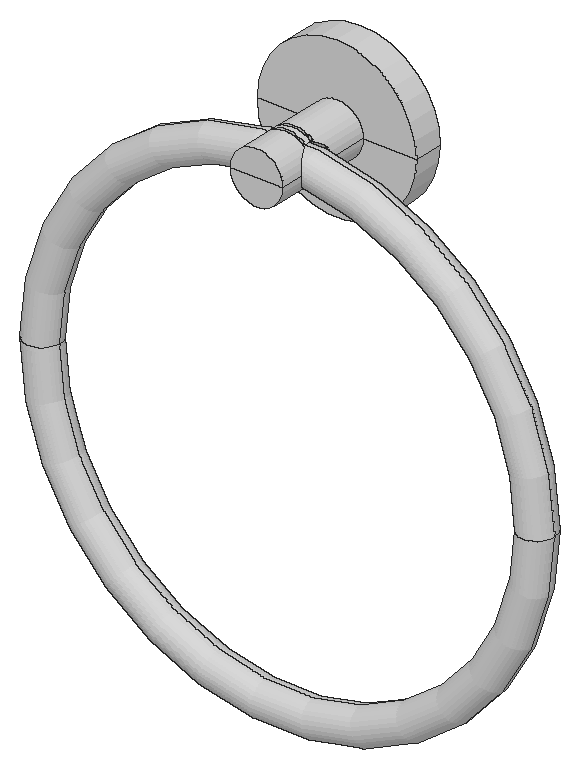
Revit family "Reece_Accessory_GROHE_Essentials_Towel Ring", category Plumbing Fixtures, host Face, Revit 2018
Family settings
  Host = Face
  Round Connector Dimension = Use Diameter
  Part Type = Normal
  Cut with Voids When Loaded = Yes
  Shared = Yes
  Room Calculation Point = Yes
Parameters (values of type "Chrome")
  URL = "https://www.reece.com.au/product/-9506970"
  Type Comments = "Accessory"
  Reece_Product_Web Page = "https://www.reece.com.au/product/-9506970"
  Reece_Product_Type = "Accessory"  # constant formula
  Reece_Product_Sub Brand = "Essentials"  # constant formula
  Reece_Product_Number = "9506970"
  Reece_Product_Mount = "Wall Mounted"
  Reece_Product_Description = "GROHE Essentials Accessories Towel Ring Chrome"
  Reece_Product_Brand = "GROHE"  # constant formula
  Reece_Overall_Width = 180 mm  # constant formula
  Reece_Overall_Height = 201 mm  # constant formula
  Reece_Material_Main = Reece_Brass_Chrome
  Reece_Height_From_Level [instance] = 1000 mm
  Reece_Detail_Shape = ""
  Reece_Detail_Installation = ""
  Reece_Detail_Disclaimer = "THIS FILE IS THE PROPERTY OF THE REECE GROUP. IT MAY NOT BE REPRODUCED, REVERSE-ENGINEERED OR MODIFIED. ANY REPUBLICATION, TRANSMISSION OR DISTRIBUTION FOR THE PURPOSE OF COMMERCIALLY EXPLOITING THE FILES IS PROHIBITED."  # constant formula
  Reece_Detail_Connector = ""
  Reece_Detail_Additional = ""
  Reece_Accessory_Projection = 44 mm  # constant formula
  Model = "Essentials"
  Manufacturer = "GROHE"
  Keynote = "Product #9506970, Reece_Accessory_GROHE_Essentials_Towel Ring - Chrome"
  Disclaimer = "THIS FILE IS THE PROPERTY OF THE REECE GROUP. IT MAY NOT BE REPRODUCED, REVERSE-ENGINEERED OR MODIFIED. ANY REPUBLICATION, TRANSMISSION OR DISTRIBUTION FOR THE PURPOSE OF COMMERCIALLY EXPLOITING THE FILES IS PROHIBITED."  # constant formula
  Description = "GROHE Essentials Accessories Towel Ring Chrome"
  Default Elevation = 0 mm
Types (5, lengths in mm): name | URL | Reece_Product_Web Page | Reece_Product_Number | Reece_Product_Description | Reece_Material_Main | Keynote | Description
  (no name) | "https://www.reece.com.au/product/-9508749" | "https://www.reece.com.au/product/-9508749" | "9508749" | "GROHE Essentials Accessories Towel Ring Brushed Nickel" | Reece_Brass_Brushed Nickel | "Product #9508749, Reece_Accessory_GROHE_Essentials_Towel Ring -  " | "GROHE Essentials Accessories Towel Ring Brushed Nickel"
  Chrome | "https://www.reece.com.au/product/-9506970" | "https://www.reece.com.au/product/-9506970" | "9506970" | "GROHE Essentials Accessories Towel Ring Chrome" | Reece_Brass_Chrome | "Product #9506970, Reece_Accessory_GROHE_Essentials_Towel Ring - Chrome" | "GROHE Essentials Accessories Towel Ring Chrome"
  Brushed Cool Sunrise | "https://www.reece.com.au/product/-9508751" | "https://www.reece.com.au/product/-9508751" | "9508751" | "GROHE Essentials Accessories Towel Ring Brushed Cool Sunrise" | Reece_Metal_Brushed_Cool Sunrise | "Product #9508751, Reece_Accessory_GROHE_Essentials_Towel Ring - Brushed Cool Sunrise" | "GROHE Essentials Accessories Towel Ring Brushed Cool Sunrise"
  Brushed Nickel | "https://www.reece.com.au/product/-9508749" | "https://www.reece.com.au/product/-9508749" | "9508749" | "GROHE Essentials Accessories Towel Ring Brushed Nickel" | Reece_Brass_Brushed Nickel | "Product #9508749, Reece_Accessory_GROHE_Essentials_Towel Ring - Brushed Nickel" | "GROHE Essentials Accessories Towel Ring Brushed Nickel"
  Hard Graphite | "https://www.reece.com.au/product/-9508750" | "https://www.reece.com.au/product/-9508750" | "9508750" | "GROHE Essentials Accessories Towel Ring Hard Graphite" | Reece_Metal_Hard Graphite | "Product #9508750, Reece_Accessory_GROHE_Essentials_Towel Ring - Hard Graphite" | "GROHE Essentials Accessories Towel Ring Hard Graphite"
Reference planes
  plane 1 "Center (Front/Back)": y = 0
  plane 2 "Bottom Host Plane": z = -5
  plane 3 "Center (Left/Right)": x = 0
  plane 4 "Fixing Point": z = 1000
  plane 5: z = 1008.9
  plane 6: y = -30
  plane 7: z = 826.008
  plane 8: z = 1006.008
  plane 9: z = 1027.008
  plane 10: y = -44
Forms (mm)
  Revolve 1, solid, material "Reece_Brass_Chrome" <- "Reece_Material_Main"
    sketch origin (0, 0, 1000) x (0, -1, 0) y (1, 0, 0)
      loop
        line (0, 0) -> (0, -27) -> (10, -27) -> (10, -8.9) -> (28, -8.9) -> (28, -8.1) -> (29, -8.1) -> (29, -8.9) -> (31, -8.9) -> (31, -8.1) -> (32, -8.1) -> (32, -8.9) -> (44, -8.9) -> (44, 0) -> (0, 0)
      axis (0, 0) -> (44, 0)
    angle from 0 to 360
  Sweep 2, solid, material "Reece_Brass_Chrome" <- "Reece_Material_Main"
    path origin (0, 0, 0) x (1, 0, 0) y (0, 0, 1)
      loop
        circle (0, 916) r 84
    profile origin (0, 0, 1000) x (0, 0, -1) y (0, -1, 0)
      loop
        circle (0, 30) r 6
  Extrusion 3, void
    sketch origin (0, 0, 0) x (0, 1, 0) y (0, 0, 1)
      loop
        circle (-30, 1000) r 6.5
    from -12.116 to 10.64
Cuts and joins
  Extrusion 3 cuts Revolve 1
Lines and regions (mm)
  model lines, style "InvisibleLines"
    curve 1: line (0, 0, -5) -> (0, 0, 1000)
Text (mm)
  text "Reece ©" at (2542.551, -2393.217, 3081.045), in view "Reece Preview"
  text "Reece ©" at (206.287, -197.77, -1020.679), in view "Ref. Level"
Dimensions and locks
  locked: plane 2 "Bottom Host Plane" to level at 5
  "Reece_Height_From_Level": plane 4 "Fixing Point" to level
  plane 8 to plane 7 = 180 mm
  plane 9 to plane 7 = 201 mm
  "Reece_Accessory_Projection": plane 1 "Center (Front/Back)" to plane 10
  "Reece_Overall_Width": plane 7 to plane 8
  "Reece_Overall_Height": plane 9 to plane 7
  locked: plane 4 "Fixing Point" to plane 8 at 6.008
  aligned and locked: plane 4 "Fixing Point" to curve 1
Automatic sketch dimensions
  curve 1 to plane 3 "Center (Left/Right)" = 0 mm
  curve 1 to plane 2 "Bottom Host Plane" = 0 mm
  Sweep 2 sketch curve to plane 3 "Center (Left/Right)" = 0 mm
  plane 4 "Fixing Point" to Sweep 2 sketch curve = 84 mm
  plane 1 "Center (Front/Back)" to Sweep 2 sketch curve = 30 mm
  Sweep 2 sketch curve to profile plane = 0 mm
  plane 4 "Fixing Point" to Extrusion 3 sketch curve = 0 mm
  Extrusion 3 sketch curve to plane 6 = 0 mm
  Revolve 1 sketch curve to plane 3 "Center (Left/Right)" = 0 mm  (x2)
  plane 1 "Center (Front/Back)" to Revolve 1 sketch curve = 0 mm
  Revolve 1 sketch curve to plane 10 = 0 mm
  plane 1 "Center (Front/Back)" to Revolve 1 sketch curve = 10 mm
  Revolve 1 sketch curve to Revolve 1 sketch curve = 16 mm
  Revolve 1 sketch curve to Revolve 1 sketch curve = 1 mm  (x2)
  Revolve 1 sketch curve to Revolve 1 sketch curve = 2 mm
  Revolve 1 sketch curve to plane 3 "Center (Left/Right)" = 8.1 mm
  Revolve 1 sketch curve to Revolve 1 sketch curve = 0 mm
  Revolve 1 sketch curve to Revolve 1 sketch curve = 0.8 mm  (x2)
  Revolve 1 sketch curve to Revolve 1 sketch curve = 8.9 mm
  Revolve 1 sketch curve to Revolve 1 sketch curve = 18.1 mm
  Revolve 1 sketch curve to Revolve 1 sketch curve = 15 mm
  Revolve 1 sketch curve to plane 10 = 71 mm
  radius of Sweep 2 sketch curve = 84 mm
  radius of Sweep 2 sketch curve = 6 mm
  radius of Extrusion 3 sketch curve = 6.5 mm
